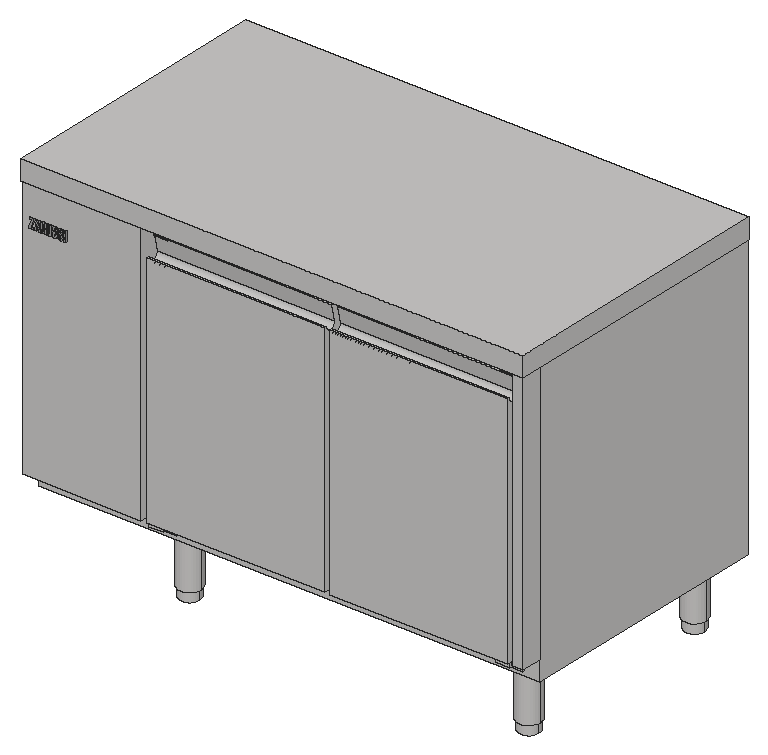
Revit family "QF_ZANUSSI_111111_ZK2HBAA", category Attrezzature speciali, Revit 2018 (continued)
Definition of nested family "HPC_ZAN_BI_TN_L"
  Lines and regions (mm)
    Split face 119
      outline origin (110, -951.3, 50) x (1, 0, 0) y (0, 1, 0)
        loop
          line (-218.464, 599.474) -> (-176.464, 599.474)
          arc (-176.464, 599.474) -> (-172.464, 603.474) -> (-176.464, 607.474) r 4
          line (-176.464, 607.474) -> (-218.464, 607.474)
    Split face 120
      outline origin (220, -951.3, 50) x (1, 0, 0) y (0, 1, 0)
        loop
          arc (-273.464, 607.474) -> (-277.464, 603.474) -> (-273.464, 599.474) r 4
          line (-273.464, 599.474) -> (-231.464, 599.474)
          arc (-231.464, 599.474) -> (-227.464, 603.474) -> (-231.464, 607.474) r 4
          line (-231.464, 607.474) -> (-273.464, 607.474)
    Split face 121
      outline origin (0, -975.3, 50) x (1, 0, 0) y (0, 1, 0)
        loop
          arc (-163.464, 619.474) -> (-167.464, 615.474) -> (-163.464, 611.474) r 4
          line (-163.464, 611.474) -> (-121.464, 611.474)
          arc (-121.464, 611.474) -> (-117.464, 615.474) -> (-121.464, 619.474) r 4
          line (-121.464, 619.474) -> (-163.464, 619.474)
    Split face 122
      outline origin (330, -975.3, 50) x (1, 0, 0) y (0, 1, 0)
        loop
          arc (-328.464, 619.474) -> (-332.464, 615.474) -> (-328.464, 611.474) r 4
          line (-328.464, 611.474) -> (-286.464, 611.474)
          arc (-286.464, 611.474) -> (-282.464, 615.474) -> (-286.464, 619.474) r 4
          line (-286.464, 619.474) -> (-328.464, 619.474)
    Split face 123
      outline origin (110, -975.3, 50) x (1, 0, 0) y (0, 1, 0)
        loop
          arc (-218.464, 619.474) -> (-222.464, 615.474) -> (-218.464, 611.474) r 4
          line (-218.464, 611.474) -> (-176.464, 611.474)
          arc (-176.464, 611.474) -> (-172.464, 615.474) -> (-176.464, 619.474) r 4
          line (-176.464, 619.474) -> (-218.464, 619.474)
    Split face 124
      outline origin (220, -975.3, 50) x (1, 0, 0) y (0, 1, 0)
        loop
          arc (-273.464, 619.474) -> (-277.464, 615.474) -> (-273.464, 611.474) r 4
          line (-273.464, 611.474) -> (-231.464, 611.474)
          arc (-231.464, 611.474) -> (-227.464, 615.474) -> (-231.464, 619.474) r 4
          line (-231.464, 619.474) -> (-273.464, 619.474)
    Split face 125
      outline origin (0, -999.3, 50) x (1, 0, 0) y (0, 1, 0)
        loop
          arc (-163.464, 631.474) -> (-167.464, 627.474) -> (-163.464, 623.474) r 4
          line (-163.464, 623.474) -> (-121.464, 623.474)
          arc (-121.464, 623.474) -> (-117.464, 627.474) -> (-121.464, 631.474) r 4
          line (-121.464, 631.474) -> (-163.464, 631.474)
    Split face 126
      outline origin (330, -999.3, 50) x (1, 0, 0) y (0, 1, 0)
        loop
          arc (-328.464, 631.474) -> (-332.464, 627.474) -> (-328.464, 623.474) r 4
          line (-328.464, 623.474) -> (-286.464, 623.474)
          arc (-286.464, 623.474) -> (-282.464, 627.474) -> (-286.464, 631.474) r 4
          line (-286.464, 631.474) -> (-328.464, 631.474)
    Split face 127
      outline origin (110, -999.3, 50) x (1, 0, 0) y (0, 1, 0)
        loop
          arc (-218.464, 631.474) -> (-222.464, 627.474) -> (-218.464, 623.474) r 4
          line (-218.464, 623.474) -> (-176.464, 623.474)
          arc (-176.464, 623.474) -> (-172.464, 627.474) -> (-176.464, 631.474) r 4
          line (-176.464, 631.474) -> (-218.464, 631.474)
    Split face 128
      outline origin (220, -999.3, 50) x (1, 0, 0) y (0, 1, 0)
        loop
          arc (-273.464, 631.474) -> (-277.464, 627.474) -> (-273.464, 623.474) r 4
          line (-273.464, 623.474) -> (-231.464, 623.474)
          arc (-231.464, 623.474) -> (-227.464, 627.474) -> (-231.464, 631.474) r 4
          line (-231.464, 631.474) -> (-273.464, 631.474)
    Split face 129
      outline origin (0, -1023.3, 50) x (1, 0, 0) y (0, 1, 0)
        loop
          arc (-163.464, 643.474) -> (-167.464, 639.474) -> (-163.464, 635.474) r 4
          line (-163.464, 635.474) -> (-121.464, 635.474)
          arc (-121.464, 635.474) -> (-117.464, 639.474) -> (-121.464, 643.474) r 4
          line (-121.464, 643.474) -> (-163.464, 643.474)
    Split face 130
      outline origin (330, -1023.3, 50) x (1, 0, 0) y (0, 1, 0)
        loop
          arc (-328.464, 643.474) -> (-332.464, 639.474) -> (-328.464, 635.474) r 4
          line (-328.464, 635.474) -> (-286.464, 635.474)
          arc (-286.464, 635.474) -> (-282.464, 639.474) -> (-286.464, 643.474) r 4
          line (-286.464, 643.474) -> (-328.464, 643.474)
    Split face 131
      outline origin (110, -1023.3, 50) x (1, 0, 0) y (0, 1, 0)
        loop
          arc (-218.464, 643.474) -> (-222.464, 639.474) -> (-218.464, 635.474) r 4
          line (-218.464, 635.474) -> (-176.464, 635.474)
          arc (-176.464, 635.474) -> (-172.464, 639.474) -> (-176.464, 643.474) r 4
          line (-176.464, 643.474) -> (-218.464, 643.474)
    Split face 132
      outline origin (220, -1023.3, 50) x (1, 0, 0) y (0, 1, 0)
        loop
          arc (-273.464, 643.474) -> (-277.464, 639.474) -> (-273.464, 635.474) r 4
          line (-273.464, 635.474) -> (-231.464, 635.474)
          arc (-231.464, 635.474) -> (-227.464, 639.474) -> (-231.464, 643.474) r 4
          line (-231.464, 643.474) -> (-273.464, 643.474)
    Split face 133
      outline origin (0, 0, 50) x (1, 0, 0) y (0, 1, 0)
        loop
          arc (-110.805, 143) -> (-91.516, 151.543) -> (-75.866, 165.689) r 66.613
          arc (-75.866, 165.689) -> (-71.555, 176.578) -> (-74.139, 188) r 19.83
    Split face 134
      outline origin (0, 0, 50) x (1, 0, 0) y (0, 1, 0)
        loop
          arc (-98.775, 143) -> (-84.812, 152.003) -> (-73.538, 164.208) r 66.007
          arc (-73.538, 164.208) -> (-69.563, 175.991) -> (-72.794, 188) r 21.447
    Split face 135
      outline origin (0, 0, 50) x (1, 0, 0) y (0, 1, 0)
        loop
          line (41.58, 174) -> (41.58, 166.5) -> (49.08, 166.5) -> (49.08, 174) -> (41.58, 174)
    Split face 136
      outline origin (0, 0, 50) x (1, 0, 0) y (0, 1, 0)
        loop
          line (32.08, 174) -> (32.08, 166.5) -> (39.58, 166.5) -> (39.58, 174) -> (32.08, 174)
    Split face 137
      outline origin (0, 0, 50) x (1, 0, 0) y (0, 1, 0)
        loop
          line (32.08, 164.5) -> (32.08, 157) -> (39.58, 157) -> (39.58, 164.5) -> (32.08, 164.5)
    Split face 138
      outline origin (9.5, 0, 50) x (1, 0, 0) y (0, 1, 0)
        loop
          line (32.08, 164.5) -> (32.08, 157) -> (39.58, 157) -> (39.58, 164.5) -> (32.08, 164.5)
    Split face 139
      outline origin (0, 0, 50) x (1, 0, 0) y (0, 1, 0)
        loop
          line (-14.92, 174) -> (-14.92, 157) -> (25.08, 157) -> (25.08, 174) -> (-14.92, 174)
    symbolic lines
      curve 1: line (87.08, -74, 50) -> (87.08, -74, 0)
  Dimensions and locks
    equal spacing: plane 6, plane 1 "Center (Front/Back)", plane 7
    equal spacing: plane 4, plane 3 "Center (Left/Right)", plane 5
    aligned and locked: plane 2 to Extrusion 1
    aligned and locked: level to Extrusion 1
  Automatic sketch dimensions
    Split face 7 sketch curve to Split face 7 sketch curve = 42 mm
    Split face 7 sketch curve to Split face 7 sketch curve = 4 mm
    Extrusion 1 sketch curve to Extrusion 1 sketch curve = 2438.4 mm  (x2)
    Extrusion 2 sketch curve to plane 4 = 0 mm
    Extrusion 2 sketch curve to plane 5 = 0 mm
    Extrusion 2 sketch curve to plane 7 = 0 mm
    Extrusion 2 sketch curve to plane 6 = 0 mm
    Split face 1 sketch curve to Extrusion 2 = 105 mm
    Split face 1 sketch curve to Extrusion 2 = 35 mm
    Split face 1 sketch curve to Extrusion 2 = 98 mm
    Split face 1 sketch curve to Split face 1 sketch curve = 23 mm
    Split face 2 sketch curve to Extrusion 2 = 0 mm  (x2)
    Split face 2 sketch curve to Extrusion 2 = 64 mm
    Split face 3 sketch curve to Extrusion 2 = 43.456 mm
    Split face 3 sketch curve to Split face 3 sketch curve = 42 mm
    Split face 3 sketch curve to Extrusion 2 = 128.176 mm
    Split face 3 sketch curve to Split face 3 sketch curve = 4 mm
    Split face 4 sketch curve to Extrusion 2 = 85.544 mm
    Split face 4 sketch curve to Split face 4 sketch curve = 42 mm
    Split face 4 sketch curve to Extrusion 2 = 128.176 mm
    Split face 4 sketch curve to Split face 4 sketch curve = 4 mm
    Split face 5 sketch curve to Extrusion 2 = 98.456 mm
    Split face 5 sketch curve to Split face 5 sketch curve = 42 mm
    Split face 5 sketch curve to Extrusion 2 = 128.176 mm
    Split face 5 sketch curve to Split face 5 sketch curve = 4 mm
    Split face 6 sketch curve to Extrusion 2 = 140.544 mm
    Split face 6 sketch curve to Split face 6 sketch curve = 42 mm
    Split face 6 sketch curve to Extrusion 2 = 128.176 mm
    Split face 6 sketch curve to Split face 6 sketch curve = 4 mm
    Extrusion 3 sketch curve to Extrusion 3 sketch curve = 294 mm
    Extrusion 3 sketch curve to Extrusion 3 sketch curve = 652 mm
    Split face 8 sketch curve to Extrusion 2 = 43.456 mm
    Split face 8 sketch curve to Split face 8 sketch curve = 42 mm
    Split face 8 sketch curve to Extrusion 2 = 140.176 mm
    Split face 8 sketch curve to Split face 8 sketch curve = 4 mm
    Split face 9 sketch curve to Extrusion 2 = 85.544 mm
    Split face 9 sketch curve to Split face 9 sketch curve = 42 mm
    Split face 9 sketch curve to Extrusion 2 = 140.176 mm
    Split face 9 sketch curve to Split face 9 sketch curve = 4 mm
    Split face 10 sketch curve to Extrusion 2 = 98.456 mm
    Split face 10 sketch curve to Split face 10 sketch curve = 42 mm
    Split face 10 sketch curve to Extrusion 2 = 140.176 mm
    Split face 10 sketch curve to Split face 10 sketch curve = 4 mm
    Split face 11 sketch curve to Extrusion 2 = 140.544 mm
    Split face 11 sketch curve to Split face 11 sketch curve = 42 mm
    Split face 11 sketch curve to Extrusion 2 = 140.176 mm
    Split face 11 sketch curve to Split face 11 sketch curve = 4 mm
    Split face 12 sketch curve to Extrusion 2 = 43.456 mm
    Split face 12 sketch curve to Split face 12 sketch curve = 42 mm
    Split face 12 sketch curve to Extrusion 2 = 152.176 mm
    Split face 12 sketch curve to Split face 12 sketch curve = 4 mm
    Split face 13 sketch curve to Extrusion 2 = 85.544 mm
    Split face 13 sketch curve to Split face 13 sketch curve = 42 mm
    Split face 13 sketch curve to Extrusion 2 = 152.176 mm
    Split face 13 sketch curve to Split face 13 sketch curve = 4 mm
    Split face 14 sketch curve to Extrusion 2 = 98.456 mm
    Split face 14 sketch curve to Split face 14 sketch curve = 42 mm
    Split face 14 sketch curve to Extrusion 2 = 152.176 mm
    Split face 14 sketch curve to Split face 14 sketch curve = 4 mm
    Split face 15 sketch curve to Extrusion 2 = 140.544 mm
    Split face 15 sketch curve to Split face 15 sketch curve = 42 mm
    Split face 15 sketch curve to Extrusion 2 = 152.176 mm
    Split face 15 sketch curve to Split face 15 sketch curve = 4 mm
    Split face 16 sketch curve to Extrusion 2 = 43.456 mm
    Split face 16 sketch curve to Split face 16 sketch curve = 42 mm
    Split face 16 sketch curve to Extrusion 2 = 164.176 mm
    Split face 16 sketch curve to Split face 16 sketch curve = 4 mm
    Split face 17 sketch curve to Extrusion 2 = 85.544 mm
    Split face 17 sketch curve to Split face 17 sketch curve = 42 mm
    Split face 17 sketch curve to Extrusion 2 = 164.176 mm
    Split face 17 sketch curve to Split face 17 sketch curve = 4 mm
    Split face 18 sketch curve to Extrusion 2 = 98.456 mm
    Split face 18 sketch curve to Split face 18 sketch curve = 42 mm
    Split face 18 sketch curve to Extrusion 2 = 164.176 mm
    Split face 18 sketch curve to Split face 18 sketch curve = 4 mm
    Split face 19 sketch curve to Extrusion 2 = 140.544 mm
    Split face 19 sketch curve to Split face 19 sketch curve = 42 mm
    Split face 19 sketch curve to Extrusion 2 = 164.176 mm
    Split face 19 sketch curve to Split face 19 sketch curve = 4 mm
    Split face 20 sketch curve to Extrusion 2 = 43.456 mm
    Split face 20 sketch curve to Split face 20 sketch curve = 42 mm
    Split face 20 sketch curve to Extrusion 2 = 176.176 mm
    Split face 20 sketch curve to Split face 20 sketch curve = 4 mm
    Split face 21 sketch curve to Extrusion 2 = 85.544 mm
    Split face 21 sketch curve to Split face 21 sketch curve = 42 mm
    Split face 21 sketch curve to Extrusion 2 = 176.176 mm
    Split face 21 sketch curve to Split face 21 sketch curve = 4 mm
    Split face 22 sketch curve to Extrusion 2 = 98.456 mm
    Split face 22 sketch curve to Split face 22 sketch curve = 42 mm
    Split face 22 sketch curve to Extrusion 2 = 176.176 mm
    Split face 22 sketch curve to Split face 22 sketch curve = 4 mm
    Split face 23 sketch curve to Extrusion 2 = 140.544 mm
    Split face 23 sketch curve to Split face 23 sketch curve = 42 mm
    Split face 23 sketch curve to Extrusion 2 = 176.176 mm
    Split face 23 sketch curve to Split face 23 sketch curve = 4 mm
    Split face 24 sketch curve to Extrusion 2 = 43.456 mm
    Split face 24 sketch curve to Split face 24 sketch curve = 42 mm
    Split face 24 sketch curve to Extrusion 2 = 188.176 mm
    Split face 24 sketch curve to Split face 24 sketch curve = 4 mm
    Split face 25 sketch curve to Extrusion 2 = 85.544 mm
    Split face 25 sketch curve to Split face 25 sketch curve = 42 mm
    Split face 25 sketch curve to Extrusion 2 = 188.176 mm
    Split face 25 sketch curve to Split face 25 sketch curve = 4 mm
    Split face 26 sketch curve to Extrusion 2 = 98.456 mm
    Split face 26 sketch curve to Split face 26 sketch curve = 42 mm
    Split face 26 sketch curve to Extrusion 2 = 188.176 mm
    Split face 26 sketch curve to Split face 26 sketch curve = 4 mm
    Split face 27 sketch curve to Extrusion 2 = 140.544 mm
    Split face 27 sketch curve to Split face 27 sketch curve = 42 mm
    Split face 27 sketch curve to Extrusion 2 = 188.176 mm
    Split face 27 sketch curve to Split face 27 sketch curve = 4 mm
    Split face 28 sketch curve to Extrusion 2 = 43.456 mm
    Split face 28 sketch curve to Split face 28 sketch curve = 42 mm
    Split face 28 sketch curve to Extrusion 2 = 200.176 mm
    Split face 28 sketch curve to Split face 28 sketch curve = 4 mm
    Split face 29 sketch curve to Extrusion 2 = 85.544 mm
    Split face 29 sketch curve to Split face 29 sketch curve = 42 mm
    Split face 29 sketch curve to Extrusion 2 = 200.176 mm
    Split face 29 sketch curve to Split face 29 sketch curve = 4 mm
    Split face 30 sketch curve to Extrusion 2 = 98.456 mm
    Split face 30 sketch curve to Split face 30 sketch curve = 42 mm
    Split face 30 sketch curve to Extrusion 2 = 200.176 mm
    Split face 30 sketch curve to Split face 30 sketch curve = 4 mm
    Split face 31 sketch curve to Extrusion 2 = 140.544 mm
    Split face 31 sketch curve to Split face 31 sketch curve = 42 mm
    Split face 31 sketch curve to Extrusion 2 = 200.176 mm
    Split face 31 sketch curve to Split face 31 sketch curve = 4 mm
    Split face 32 sketch curve to Extrusion 2 = 43.456 mm
    Split face 32 sketch curve to Split face 32 sketch curve = 42 mm
    Split face 32 sketch curve to Extrusion 2 = 212.176 mm
    Split face 32 sketch curve to Split face 32 sketch curve = 4 mm
    Split face 33 sketch curve to Extrusion 2 = 85.544 mm
    Split face 33 sketch curve to Split face 33 sketch curve = 42 mm
    Split face 33 sketch curve to Extrusion 2 = 212.176 mm
    Split face 33 sketch curve to Split face 33 sketch curve = 4 mm
    Split face 34 sketch curve to Extrusion 2 = 98.456 mm
    Split face 34 sketch curve to Split face 34 sketch curve = 42 mm
    Split face 34 sketch curve to Extrusion 2 = 212.176 mm
    Split face 34 sketch curve to Split face 34 sketch curve = 4 mm
    Split face 35 sketch curve to Extrusion 2 = 140.544 mm
    Split face 35 sketch curve to Split face 35 sketch curve = 42 mm
    Split face 35 sketch curve to Extrusion 2 = 212.176 mm
    Split face 35 sketch curve to Split face 35 sketch curve = 4 mm
    Split face 36 sketch curve to Extrusion 2 = 43.456 mm
    Split face 36 sketch curve to Split face 36 sketch curve = 42 mm
    Split face 36 sketch curve to Extrusion 2 = 224.176 mm
    Split face 36 sketch curve to Split face 36 sketch curve = 4 mm
    Split face 37 sketch curve to Extrusion 2 = 85.544 mm
    Split face 37 sketch curve to Split face 37 sketch curve = 42 mm
    Split face 37 sketch curve to Extrusion 2 = 224.176 mm
    Split face 37 sketch curve to Split face 37 sketch curve = 4 mm
    Split face 38 sketch curve to Extrusion 2 = 98.456 mm
    Split face 38 sketch curve to Split face 38 sketch curve = 42 mm
    Split face 38 sketch curve to Extrusion 2 = 224.176 mm
    Split face 38 sketch curve to Split face 38 sketch curve = 4 mm
    Split face 39 sketch curve to Extrusion 2 = 140.544 mm
    Split face 39 sketch curve to Split face 39 sketch curve = 42 mm
    Split face 39 sketch curve to Extrusion 2 = 224.176 mm
    Split face 39 sketch curve to Split face 39 sketch curve = 4 mm
    Split face 40 sketch curve to Extrusion 2 = 43.456 mm
    Split face 40 sketch curve to Split face 40 sketch curve = 42 mm
    Split face 40 sketch curve to Extrusion 2 = 236.176 mm
    Split face 40 sketch curve to Split face 40 sketch curve = 4 mm
    Split face 41 sketch curve to Extrusion 2 = 85.544 mm
    Split face 41 sketch curve to Split face 41 sketch curve = 42 mm
    Split face 41 sketch curve to Extrusion 2 = 236.176 mm
    Split face 41 sketch curve to Split face 41 sketch curve = 4 mm
    Split face 42 sketch curve to Extrusion 2 = 98.456 mm
    Split face 42 sketch curve to Split face 42 sketch curve = 42 mm
    Split face 42 sketch curve to Extrusion 2 = 236.176 mm
    Split face 42 sketch curve to Split face 42 sketch curve = 4 mm
    Split face 43 sketch curve to Extrusion 2 = 140.544 mm
    Split face 43 sketch curve to Split face 43 sketch curve = 42 mm
    Split face 43 sketch curve to Extrusion 2 = 236.176 mm
    Split face 43 sketch curve to Split face 43 sketch curve = 4 mm
    Split face 44 sketch curve to Extrusion 2 = 43.456 mm
    Split face 44 sketch curve to Split face 44 sketch curve = 42 mm
    Split face 44 sketch curve to Extrusion 2 = 248.176 mm
    Split face 44 sketch curve to Split face 44 sketch curve = 4 mm
    Split face 45 sketch curve to Extrusion 2 = 85.544 mm
    Split face 45 sketch curve to Split face 45 sketch curve = 42 mm
    Split face 45 sketch curve to Extrusion 2 = 248.176 mm
    Split face 45 sketch curve to Split face 45 sketch curve = 4 mm
    Split face 46 sketch curve to Extrusion 2 = 98.456 mm
    Split face 46 sketch curve to Split face 46 sketch curve = 42 mm
    Split face 46 sketch curve to Extrusion 2 = 248.176 mm
    Split face 46 sketch curve to Split face 46 sketch curve = 4 mm
    Split face 47 sketch curve to Extrusion 2 = 140.544 mm
    Split face 47 sketch curve to Split face 47 sketch curve = 42 mm
    Split face 47 sketch curve to Extrusion 2 = 248.176 mm
    Split face 47 sketch curve to Split face 47 sketch curve = 4 mm
    Split face 48 sketch curve to Extrusion 2 = 43.456 mm
    Split face 48 sketch curve to Split face 48 sketch curve = 42 mm
    Split face 48 sketch curve to Extrusion 2 = 260.176 mm
    Split face 48 sketch curve to Split face 48 sketch curve = 4 mm
    Split face 49 sketch curve to Extrusion 2 = 85.544 mm
    Split face 49 sketch curve to Split face 49 sketch curve = 42 mm
    Split face 49 sketch curve to Extrusion 2 = 260.176 mm
    Split face 49 sketch curve to Split face 49 sketch curve = 4 mm
    Split face 50 sketch curve to Extrusion 2 = 98.456 mm
    Split face 50 sketch curve to Split face 50 sketch curve = 42 mm
    Split face 50 sketch curve to Extrusion 2 = 260.176 mm
    Split face 50 sketch curve to Split face 50 sketch curve = 4 mm
    Split face 51 sketch curve to Extrusion 2 = 140.544 mm
    Split face 51 sketch curve to Split face 51 sketch curve = 42 mm
    Split face 51 sketch curve to Extrusion 2 = 260.176 mm
    Split face 51 sketch curve to Split face 51 sketch curve = 4 mm
    Split face 52 sketch curve to Extrusion 2 = 43.456 mm
    Split face 52 sketch curve to Split face 52 sketch curve = 42 mm
    Split face 52 sketch curve to Extrusion 2 = 272.176 mm
    Split face 52 sketch curve to Split face 52 sketch curve = 4 mm
    Split face 53 sketch curve to Extrusion 2 = 85.544 mm
    Split face 53 sketch curve to Split face 53 sketch curve = 42 mm
    Split face 53 sketch curve to Extrusion 2 = 272.176 mm
    Split face 53 sketch curve to Split face 53 sketch curve = 4 mm
    Split face 54 sketch curve to Extrusion 2 = 98.456 mm
    Split face 54 sketch curve to Split face 54 sketch curve = 42 mm
    Split face 54 sketch curve to Extrusion 2 = 272.176 mm
    Split face 54 sketch curve to Split face 54 sketch curve = 4 mm
    Split face 55 sketch curve to Extrusion 2 = 140.544 mm
    Split face 55 sketch curve to Split face 55 sketch curve = 42 mm
    Split face 55 sketch curve to Extrusion 2 = 272.176 mm
    Split face 55 sketch curve to Split face 55 sketch curve = 4 mm
    Split face 56 sketch curve to Extrusion 2 = 43.456 mm
    Split face 56 sketch curve to Split face 56 sketch curve = 42 mm
    Split face 56 sketch curve to Extrusion 2 = 284.176 mm
    Split face 56 sketch curve to Split face 56 sketch curve = 4 mm
    Split face 57 sketch curve to Extrusion 2 = 85.544 mm
    Split face 57 sketch curve to Split face 57 sketch curve = 42 mm
    Split face 57 sketch curve to Extrusion 2 = 284.176 mm
    Split face 57 sketch curve to Split face 57 sketch curve = 4 mm
    Split face 58 sketch curve to Extrusion 2 = 98.456 mm
    Split face 58 sketch curve to Split face 58 sketch curve = 42 mm
    Split face 58 sketch curve to Extrusion 2 = 284.176 mm
    Split face 58 sketch curve to Split face 58 sketch curve = 4 mm
    Split face 59 sketch curve to Extrusion 2 = 140.544 mm
    Split face 59 sketch curve to Split face 59 sketch curve = 42 mm
    Split face 59 sketch curve to Extrusion 2 = 284.176 mm
    Split face 59 sketch curve to Split face 59 sketch curve = 4 mm
    Split face 60 sketch curve to Extrusion 2 = 43.456 mm
    Split face 60 sketch curve to Split face 60 sketch curve = 42 mm
    Split face 60 sketch curve to Extrusion 2 = 296.176 mm
    Split face 60 sketch curve to Split face 60 sketch curve = 4 mm
    Split face 61 sketch curve to Extrusion 2 = 85.544 mm
    Split face 61 sketch curve to Split face 61 sketch curve = 42 mm
    Split face 61 sketch curve to Extrusion 2 = 296.176 mm
    Split face 61 sketch curve to Split face 61 sketch curve = 4 mm
    Split face 62 sketch curve to Extrusion 2 = 98.456 mm
    Split face 62 sketch curve to Split face 62 sketch curve = 42 mm
    Split face 62 sketch curve to Extrusion 2 = 296.176 mm
    Split face 62 sketch curve to Split face 62 sketch curve = 4 mm
    Split face 63 sketch curve to Extrusion 2 = 140.544 mm
    Split face 63 sketch curve to Split face 63 sketch curve = 42 mm
    Split face 63 sketch curve to Extrusion 2 = 296.176 mm
    Split face 63 sketch curve to Split face 63 sketch curve = 4 mm
    Split face 64 sketch curve to Extrusion 2 = 43.456 mm
    Split face 64 sketch curve to Split face 64 sketch curve = 42 mm
    Split face 64 sketch curve to Extrusion 2 = 308.176 mm
    Split face 64 sketch curve to Split face 64 sketch curve = 4 mm
    Split face 65 sketch curve to Extrusion 2 = 85.544 mm
    Split face 65 sketch curve to Split face 65 sketch curve = 42 mm
    Split face 65 sketch curve to Extrusion 2 = 308.176 mm
    Split face 65 sketch curve to Split face 65 sketch curve = 4 mm
    Split face 66 sketch curve to Extrusion 2 = 98.456 mm
    Split face 66 sketch curve to Split face 66 sketch curve = 42 mm
    Split face 66 sketch curve to Extrusion 2 = 308.176 mm
    Split face 66 sketch curve to Split face 66 sketch curve = 4 mm
    Split face 67 sketch curve to Extrusion 2 = 140.544 mm
    Split face 67 sketch curve to Split face 67 sketch curve = 42 mm
    Split face 67 sketch curve to Extrusion 2 = 308.176 mm
    Split face 67 sketch curve to Split face 67 sketch curve = 4 mm
    Split face 68 sketch curve to Extrusion 2 = 0 mm  (x2)
    Split face 68 sketch curve to Extrusion 2 = 109 mm
    Split face 69 sketch curve to Extrusion 2 = 43.456 mm
    Split face 69 sketch curve to Split face 69 sketch curve = 42 mm
    Split face 69 sketch curve to Extrusion 2 = 192.174 mm
    Split face 69 sketch curve to Split face 69 sketch curve = 4 mm
    Split face 70 sketch curve to Extrusion 2 = 85.544 mm
    Split face 70 sketch curve to Split face 70 sketch curve = 42 mm
    Split face 70 sketch curve to Extrusion 2 = 192.174 mm
    Split face 70 sketch curve to Split face 70 sketch curve = 4 mm
    Split face 71 sketch curve to Extrusion 2 = 98.456 mm
    Split face 71 sketch curve to Split face 71 sketch curve = 42 mm
    Split face 71 sketch curve to Extrusion 2 = 192.174 mm
    Split face 71 sketch curve to Split face 71 sketch curve = 4 mm
    Split face 72 sketch curve to Extrusion 2 = 140.544 mm
    Split face 72 sketch curve to Split face 72 sketch curve = 42 mm
    Split face 72 sketch curve to Extrusion 2 = 192.174 mm
    Split face 72 sketch curve to Split face 72 sketch curve = 4 mm
    Split face 73 sketch curve to Extrusion 2 = 43.456 mm
    Split face 73 sketch curve to Split face 73 sketch curve = 42 mm
    Split face 73 sketch curve to Extrusion 2 = 180.174 mm
    Split face 73 sketch curve to Split face 73 sketch curve = 4 mm
    Split face 74 sketch curve to Extrusion 2 = 85.544 mm
    Split face 74 sketch curve to Split face 74 sketch curve = 42 mm
    Split face 74 sketch curve to Extrusion 2 = 180.174 mm
    Split face 74 sketch curve to Split face 74 sketch curve = 4 mm
    Split face 75 sketch curve to Extrusion 2 = 98.456 mm
    Split face 75 sketch curve to Split face 75 sketch curve = 42 mm
    Split face 75 sketch curve to Extrusion 2 = 180.174 mm
    Split face 75 sketch curve to Split face 75 sketch curve = 4 mm
    Split face 76 sketch curve to Extrusion 2 = 140.544 mm
    Split face 76 sketch curve to Split face 76 sketch curve = 42 mm
    Split face 76 sketch curve to Extrusion 2 = 180.174 mm
    Split face 76 sketch curve to Split face 76 sketch curve = 4 mm
    Split face 77 sketch curve to Extrusion 2 = 43.456 mm
    Split face 77 sketch curve to Split face 77 sketch curve = 42 mm
    Split face 77 sketch curve to Extrusion 2 = 168.174 mm
    Split face 77 sketch curve to Split face 77 sketch curve = 4 mm
    Split face 78 sketch curve to Extrusion 2 = 85.544 mm
    Split face 78 sketch curve to Split face 78 sketch curve = 42 mm
    Split face 78 sketch curve to Extrusion 2 = 168.174 mm
    Split face 78 sketch curve to Split face 78 sketch curve = 4 mm
    Split face 79 sketch curve to Extrusion 2 = 98.456 mm
    Split face 79 sketch curve to Split face 79 sketch curve = 42 mm
    Split face 79 sketch curve to Extrusion 2 = 168.174 mm
    Split face 79 sketch curve to Split face 79 sketch curve = 4 mm
    Split face 80 sketch curve to Extrusion 2 = 140.544 mm
    Split face 80 sketch curve to Split face 80 sketch curve = 42 mm
    Split face 80 sketch curve to Extrusion 2 = 168.174 mm
    Split face 80 sketch curve to Split face 80 sketch curve = 4 mm
    Split face 81 sketch curve to Extrusion 2 = 43.456 mm
    Split face 81 sketch curve to Split face 81 sketch curve = 42 mm
    Split face 81 sketch curve to Extrusion 2 = 156.174 mm
    Split face 81 sketch curve to Split face 81 sketch curve = 4 mm
    Split face 82 sketch curve to Extrusion 2 = 85.544 mm
    Split face 82 sketch curve to Split face 82 sketch curve = 42 mm
    Split face 82 sketch curve to Extrusion 2 = 156.174 mm
    Split face 82 sketch curve to Split face 82 sketch curve = 4 mm
    Split face 83 sketch curve to Extrusion 2 = 98.456 mm
    Split face 83 sketch curve to Split face 83 sketch curve = 42 mm
    Split face 83 sketch curve to Extrusion 2 = 156.174 mm
    Split face 83 sketch curve to Split face 83 sketch curve = 4 mm
    Split face 84 sketch curve to Extrusion 2 = 140.544 mm
    Split face 84 sketch curve to Split face 84 sketch curve = 42 mm
    Split face 84 sketch curve to Extrusion 2 = 156.174 mm
    Split face 84 sketch curve to Split face 84 sketch curve = 4 mm
    Split face 85 sketch curve to Extrusion 2 = 43.456 mm
    Split face 85 sketch curve to Split face 85 sketch curve = 42 mm
    Split face 85 sketch curve to Extrusion 2 = 144.174 mm
    Split face 85 sketch curve to Split face 85 sketch curve = 4 mm
    Split face 86 sketch curve to Extrusion 2 = 85.544 mm
    Split face 86 sketch curve to Split face 86 sketch curve = 42 mm
    Split face 86 sketch curve to Extrusion 2 = 144.174 mm
    Split face 86 sketch curve to Split face 86 sketch curve = 4 mm
    Split face 87 sketch curve to Extrusion 2 = 98.456 mm
    Split face 87 sketch curve to Split face 87 sketch curve = 42 mm
    Split face 87 sketch curve to Extrusion 2 = 144.174 mm
    Split face 87 sketch curve to Split face 87 sketch curve = 4 mm
    Split face 88 sketch curve to Extrusion 2 = 140.544 mm
    Split face 88 sketch curve to Split face 88 sketch curve = 42 mm
    Split face 88 sketch curve to Extrusion 2 = 144.174 mm
    Split face 88 sketch curve to Split face 88 sketch curve = 4 mm
    Split face 89 sketch curve to Extrusion 2 = 43.456 mm
    Split face 89 sketch curve to Split face 89 sketch curve = 42 mm
    Split face 89 sketch curve to Extrusion 2 = 132.174 mm
    Split face 89 sketch curve to Split face 89 sketch curve = 4 mm
    Split face 90 sketch curve to Extrusion 2 = 85.544 mm
    Split face 90 sketch curve to Split face 90 sketch curve = 42 mm
    Split face 90 sketch curve to Extrusion 2 = 132.174 mm
    Split face 90 sketch curve to Split face 90 sketch curve = 4 mm
    Split face 91 sketch curve to Extrusion 2 = 98.456 mm
    Split face 91 sketch curve to Split face 91 sketch curve = 42 mm
    Split face 91 sketch curve to Extrusion 2 = 132.174 mm
    Split face 91 sketch curve to Split face 91 sketch curve = 4 mm
    Split face 92 sketch curve to Extrusion 2 = 140.544 mm
    Split face 92 sketch curve to Split face 92 sketch curve = 42 mm
    Split face 92 sketch curve to Extrusion 2 = 132.174 mm
    Split face 92 sketch curve to Split face 92 sketch curve = 4 mm
    Split face 93 sketch curve to Extrusion 2 = 43.456 mm
    Split face 93 sketch curve to Split face 93 sketch curve = 42 mm
    Split face 93 sketch curve to Extrusion 2 = 120.174 mm
    Split face 93 sketch curve to Split face 93 sketch curve = 4 mm
    Split face 94 sketch curve to Extrusion 2 = 85.544 mm
    Split face 94 sketch curve to Split face 94 sketch curve = 42 mm
    Split face 94 sketch curve to Extrusion 2 = 120.174 mm
    Split face 94 sketch curve to Split face 94 sketch curve = 4 mm
    Split face 95 sketch curve to Extrusion 2 = 98.456 mm
    Split face 95 sketch curve to Split face 95 sketch curve = 42 mm
    Split face 95 sketch curve to Extrusion 2 = 120.174 mm
    Split face 95 sketch curve to Split face 95 sketch curve = 4 mm
    Split face 96 sketch curve to Extrusion 2 = 140.544 mm
    Split face 96 sketch curve to Split face 96 sketch curve = 42 mm
    Split face 96 sketch curve to Extrusion 2 = 120.174 mm
    Split face 96 sketch curve to Split face 96 sketch curve = 4 mm
    Split face 97 sketch curve to Extrusion 2 = 43.456 mm
    Split face 97 sketch curve to Split face 97 sketch curve = 42 mm
    Split face 97 sketch curve to Extrusion 2 = 108.174 mm
    Split face 97 sketch curve to Split face 97 sketch curve = 4 mm
    Split face 98 sketch curve to Extrusion 2 = 85.544 mm
    Split face 98 sketch curve to Split face 98 sketch curve = 42 mm
    Split face 98 sketch curve to Extrusion 2 = 108.174 mm
    Split face 98 sketch curve to Split face 98 sketch curve = 4 mm
    Split face 99 sketch curve to Extrusion 2 = 98.456 mm
    Split face 99 sketch curve to Split face 99 sketch curve = 42 mm
    Split face 99 sketch curve to Extrusion 2 = 108.174 mm
    Split face 99 sketch curve to Split face 99 sketch curve = 4 mm
    Split face 100 sketch curve to Extrusion 2 = 140.544 mm
    Split face 100 sketch curve to Split face 100 sketch curve = 42 mm
    Split face 100 sketch curve to Extrusion 2 = 108.174 mm
    Split face 100 sketch curve to Split face 100 sketch curve = 4 mm
    Split face 101 sketch curve to Extrusion 2 = 43.456 mm
    Split face 101 sketch curve to Split face 101 sketch curve = 42 mm
    Split face 101 sketch curve to Extrusion 2 = 96.174 mm
    Split face 101 sketch curve to Split face 101 sketch curve = 4 mm
    Split face 102 sketch curve to Extrusion 2 = 85.544 mm
    Split face 102 sketch curve to Split face 102 sketch curve = 42 mm
    Split face 102 sketch curve to Extrusion 2 = 96.174 mm
    Split face 102 sketch curve to Split face 102 sketch curve = 4 mm
    Split face 103 sketch curve to Extrusion 2 = 98.456 mm
    Split face 103 sketch curve to Split face 103 sketch curve = 42 mm
    Split face 103 sketch curve to Extrusion 2 = 96.174 mm
    Split face 103 sketch curve to Split face 103 sketch curve = 4 mm
    Split face 104 sketch curve to Extrusion 2 = 140.544 mm
    Split face 104 sketch curve to Split face 104 sketch curve = 42 mm
    Split face 104 sketch curve to Extrusion 2 = 96.174 mm
    Split face 104 sketch curve to Split face 104 sketch curve = 4 mm
    Split face 105 sketch curve to Extrusion 2 = 43.456 mm
    Split face 105 sketch curve to Split face 105 sketch curve = 42 mm
    Split face 105 sketch curve to Extrusion 2 = 84.174 mm
    Split face 105 sketch curve to Split face 105 sketch curve = 4 mm
    Split face 106 sketch curve to Extrusion 2 = 85.544 mm
    Split face 106 sketch curve to Split face 106 sketch curve = 42 mm
    Split face 106 sketch curve to Extrusion 2 = 84.174 mm
    Split face 106 sketch curve to Split face 106 sketch curve = 4 mm
    Split face 107 sketch curve to Extrusion 2 = 98.456 mm
    Split face 107 sketch curve to Split face 107 sketch curve = 42 mm
    Split face 107 sketch curve to Extrusion 2 = 84.174 mm
    Split face 107 sketch curve to Split face 107 sketch curve = 4 mm
    Split face 108 sketch curve to Extrusion 2 = 92.174 mm
    Split face 108 sketch curve to Extrusion 2 = 140.544 mm
    Split face 108 sketch curve to Split face 108 sketch curve = 42 mm
    Split face 108 sketch curve to Split face 108 sketch curve = 4 mm
    Split face 109 sketch curve to Extrusion 2 = 43.456 mm
    Split face 109 sketch curve to Split face 109 sketch curve = 42 mm
    Split face 109 sketch curve to Extrusion 2 = 72.174 mm
    Split face 109 sketch curve to Split face 109 sketch curve = 4 mm
    Split face 110 sketch curve to Extrusion 2 = 85.544 mm
    Split face 110 sketch curve to Split face 110 sketch curve = 42 mm
    Split face 110 sketch curve to Extrusion 2 = 72.174 mm
    Split face 110 sketch curve to Split face 110 sketch curve = 4 mm
    Split face 111 sketch curve to Extrusion 2 = 98.456 mm
    Split face 111 sketch curve to Split face 111 sketch curve = 42 mm
    Split face 111 sketch curve to Extrusion 2 = 72.174 mm
    Split face 111 sketch curve to Split face 111 sketch curve = 4 mm
    Split face 112 sketch curve to Extrusion 2 = 80.174 mm
    Split face 112 sketch curve to Extrusion 2 = 140.544 mm
    Split face 112 sketch curve to Split face 112 sketch curve = 42 mm
    Split face 112 sketch curve to Split face 112 sketch curve = 4 mm
    Split face 113 sketch curve to Extrusion 2 = 43.456 mm
    Split face 113 sketch curve to Split face 113 sketch curve = 42 mm
    Split face 113 sketch curve to Extrusion 2 = 60.174 mm
    Split face 113 sketch curve to Split face 113 sketch curve = 4 mm
    Split face 114 sketch curve to Extrusion 2 = 85.544 mm
    Split face 114 sketch curve to Split face 114 sketch curve = 42 mm
    Split face 114 sketch curve to Extrusion 2 = 60.174 mm
    Split face 114 sketch curve to Split face 114 sketch curve = 4 mm
    Split face 115 sketch curve to Extrusion 2 = 98.456 mm
    Split face 115 sketch curve to Split face 115 sketch curve = 42 mm
    Split face 115 sketch curve to Extrusion 2 = 60.174 mm
    Split face 115 sketch curve to Split face 115 sketch curve = 4 mm
    Split face 116 sketch curve to Extrusion 2 = 68.174 mm
    Split face 116 sketch curve to Extrusion 2 = 140.544 mm
    Split face 116 sketch curve to Split face 116 sketch curve = 42 mm
    Split face 116 sketch curve to Split face 116 sketch curve = 4 mm
    Split face 117 sketch curve to Extrusion 2 = 43.456 mm
    Split face 117 sketch curve to Split face 117 sketch curve = 42 mm
    Split face 117 sketch curve to Extrusion 2 = 48.174 mm
    Split face 117 sketch curve to Split face 117 sketch curve = 4 mm
    Split face 118 sketch curve to Extrusion 2 = 56.174 mm
    Split face 118 sketch curve to Extrusion 2 = 85.544 mm
    Split face 118 sketch curve to Split face 118 sketch curve = 42 mm
    Split face 118 sketch curve to Split face 118 sketch curve = 4 mm
    Split face 119 sketch curve to Extrusion 2 = 56.174 mm
    Split face 119 sketch curve to Extrusion 2 = 98.456 mm
    Split face 119 sketch curve to Split face 119 sketch curve = 42 mm
    Split face 119 sketch curve to Split face 119 sketch curve = 4 mm
    Split face 120 sketch curve to Extrusion 2 = 56.174 mm
    Split face 120 sketch curve to Extrusion 2 = 140.544 mm
    Split face 120 sketch curve to Split face 120 sketch curve = 42 mm
    Split face 120 sketch curve to Split face 120 sketch curve = 4 mm
    Split face 121 sketch curve to Extrusion 2 = 43.456 mm
    Split face 121 sketch curve to Split face 121 sketch curve = 42 mm
    Split face 121 sketch curve to Extrusion 2 = 36.174 mm
    Split face 121 sketch curve to Split face 121 sketch curve = 4 mm
    Split face 122 sketch curve to Extrusion 2 = 44.174 mm
    Split face 122 sketch curve to Extrusion 2 = 85.544 mm
    Split face 122 sketch curve to Split face 122 sketch curve = 42 mm
    Split face 122 sketch curve to Split face 122 sketch curve = 4 mm
    Split face 123 sketch curve to Extrusion 2 = 44.174 mm
    Split face 123 sketch curve to Extrusion 2 = 98.456 mm
    Split face 123 sketch curve to Split face 123 sketch curve = 42 mm
    Split face 123 sketch curve to Split face 123 sketch curve = 4 mm
    Split face 124 sketch curve to Extrusion 2 = 44.174 mm
    Split face 124 sketch curve to Extrusion 2 = 140.544 mm
    Split face 124 sketch curve to Split face 124 sketch curve = 42 mm
    Split face 124 sketch curve to Split face 124 sketch curve = 4 mm
    Split face 125 sketch curve to Extrusion 2 = 43.456 mm
    Split face 125 sketch curve to Split face 125 sketch curve = 42 mm
    Split face 125 sketch curve to Extrusion 2 = 24.174 mm
    Split face 125 sketch curve to Split face 125 sketch curve = 4 mm
    Split face 126 sketch curve to Extrusion 2 = 32.174 mm
    Split face 126 sketch curve to Extrusion 2 = 85.544 mm
    Split face 126 sketch curve to Split face 126 sketch curve = 42 mm
    Split face 126 sketch curve to Split face 126 sketch curve = 4 mm
    Split face 127 sketch curve to Extrusion 2 = 32.174 mm
    Split face 127 sketch curve to Extrusion 2 = 98.456 mm
    Split face 127 sketch curve to Split face 127 sketch curve = 42 mm
    Split face 127 sketch curve to Split face 127 sketch curve = 4 mm
    Split face 128 sketch curve to Extrusion 2 = 32.174 mm
    Split face 128 sketch curve to Extrusion 2 = 140.544 mm
    Split face 128 sketch curve to Split face 128 sketch curve = 42 mm
    Split face 128 sketch curve to Split face 128 sketch curve = 4 mm
    Split face 129 sketch curve to Extrusion 2 = 20.174 mm
    Split face 129 sketch curve to Extrusion 2 = 43.456 mm
    Split face 129 sketch curve to Extrusion 2 = 16.174 mm
    Split face 129 sketch curve to Split face 129 sketch curve = 42 mm
    Split face 130 sketch curve to Extrusion 2 = 20.174 mm
    Split face 130 sketch curve to Extrusion 2 = 85.544 mm
    Split face 130 sketch curve to Extrusion 2 = 16.174 mm
    Split face 130 sketch curve to Split face 130 sketch curve = 42 mm
    Split face 131 sketch curve to Extrusion 2 = 20.174 mm
    Split face 131 sketch curve to Extrusion 2 = 98.456 mm
    Split face 131 sketch curve to Extrusion 2 = 16.174 mm
    Split face 131 sketch curve to Split face 131 sketch curve = 42 mm
    Split face 132 sketch curve to Extrusion 2 = 20.174 mm
    Split face 132 sketch curve to Extrusion 2 = 140.544 mm
    Split face 132 sketch curve to Extrusion 2 = 16.174 mm
    Split face 132 sketch curve to Split face 132 sketch curve = 42 mm
    plane 4 to Extrusion 4 sketch curve = 17.166 mm
    Extrusion 4 sketch curve to Extrusion 4 sketch curve = 0.562 mm
    Extrusion 4 sketch curve to Extrusion 4 sketch curve = 5.406 mm
    Extrusion 4 sketch curve to Extrusion 4 sketch curve = 6.457 mm
    Extrusion 4 sketch curve to Extrusion 4 sketch curve = 5.755 mm
    Extrusion 4 sketch curve to Extrusion 4 sketch curve = 7.368 mm
    Extrusion 4 sketch curve to Extrusion 4 sketch curve = 0.734 mm
    Extrusion 4 sketch curve to Extrusion 4 sketch curve = 5.086 mm
    Extrusion 4 sketch curve to Extrusion 4 sketch curve = 5.054 mm
    Extrusion 4 sketch curve to Extrusion 4 sketch curve = 0.702 mm  (x4)
    Extrusion 4 sketch curve to Extrusion 4 sketch curve = 0.561 mm
    Extrusion 4 sketch curve to Extrusion 4 sketch curve = 3.369 mm  (x2)
    Extrusion 4 sketch curve to Extrusion 4 sketch curve = 2.807 mm
    Extrusion 4 sketch curve to Extrusion 4 sketch curve = 4.071 mm  (x2)
    Extrusion 4 sketch curve to Extrusion 4 sketch curve = 5.053 mm
    Extrusion 4 sketch curve to Extrusion 4 sketch curve = 5.114 mm
    Extrusion 4 sketch curve to Extrusion 4 sketch curve = 4.352 mm  (x2)
    Extrusion 4 sketch curve to Extrusion 4 sketch curve = 5.194 mm
    Extrusion 4 sketch curve to Extrusion 4 sketch curve = 4.913 mm  (x6)
    Extrusion 4 sketch curve to Extrusion 4 sketch curve = 5.334 mm
    Extrusion 4 sketch curve to Extrusion 4 sketch curve = 1.123 mm
    Extrusion 4 sketch curve to Extrusion 4 sketch curve = 1.444 mm
    Extrusion 4 sketch curve to Extrusion 4 sketch curve = 0.094 mm
    Extrusion 4 sketch curve to Extrusion 4 sketch curve = 2.948 mm
    Extrusion 4 sketch curve to Extrusion 4 sketch curve = 1.825 mm
    Extrusion 4 sketch curve to Extrusion 4 sketch curve = 3.004 mm
    Extrusion 4 sketch curve to Extrusion 4 sketch curve = 4.058 mm  (x2)
    Extrusion 4 sketch curve to Extrusion 4 sketch curve = 2.478 mm  (x2)
    Extrusion 4 sketch curve to Extrusion 4 sketch curve = 0.121 mm  (x4)
    Extrusion 4 sketch curve to Extrusion 4 sketch curve = 1.228 mm  (x2)
    Extrusion 4 sketch curve to Extrusion 4 sketch curve = 2.118 mm  (x2)
    Extrusion 4 sketch curve to Extrusion 4 sketch curve = 1.578 mm  (x2)
    Extrusion 4 sketch curve to Extrusion 4 sketch curve = 0.128 mm  (x2)
    Extrusion 4 sketch curve to Extrusion 4 sketch curve = 0.564 mm  (x2)
    Extrusion 4 sketch curve to Extrusion 4 sketch curve = 0.622 mm  (x2)
    Extrusion 4 sketch curve to Extrusion 4 sketch curve = 0.31 mm  (x2)
    Extrusion 4 sketch curve to Extrusion 4 sketch curve = 1.171 mm  (x2)
    Extrusion 4 sketch curve to Extrusion 4 sketch curve = 0.512 mm  (x2)
    Extrusion 4 sketch curve to Extrusion 4 sketch curve = 0.123 mm  (x2)
    Extrusion 4 sketch curve to Extrusion 4 sketch curve = 0.02 mm  (x2)
    Extrusion 4 sketch curve to Extrusion 4 sketch curve = 1.774 mm  (x2)
    Extrusion 4 sketch curve to Extrusion 4 sketch curve = 1.52 mm
    Extrusion 4 sketch curve to Extrusion 4 sketch curve = 1.351 mm
    Extrusion 4 sketch curve to Extrusion 4 sketch curve = 4.632 mm  (x3)
    Extrusion 4 sketch curve to Extrusion 4 sketch curve = 0.076 mm  (x2)
    Extrusion 4 sketch curve to Extrusion 4 sketch curve = 3.79 mm
    Extrusion 4 sketch curve to Extrusion 4 sketch curve = 0.099 mm
    Extrusion 4 sketch curve to Extrusion 4 sketch curve = 1.668 mm
    Extrusion 4 sketch curve to Extrusion 4 sketch curve = 2.203 mm
    Extrusion 4 sketch curve to Extrusion 4 sketch curve = 2.87 mm
    Extrusion 4 sketch curve to Extrusion 4 sketch curve = 0.944 mm
    Extrusion 4 sketch curve to Extrusion 4 sketch curve = 5.408 mm
    Extrusion 4 sketch curve to Extrusion 4 sketch curve = 0.724 mm
    Extrusion 4 sketch curve to plane 6 = 98.623 mm
    Extrusion 4 sketch curve to Extrusion 4 sketch curve = 0 mm  (x13)
    Extrusion 4 sketch curve to Extrusion 4 sketch curve = 3.713 mm
    Extrusion 4 sketch curve to Extrusion 4 sketch curve = 1.341 mm
    Extrusion 4 sketch curve to Extrusion 4 sketch curve = 0.181 mm
    Extrusion 4 sketch curve to Extrusion 4 sketch curve = 2.372 mm  (x2)
    Extrusion 4 sketch curve to Extrusion 4 sketch curve = 0.043 mm  (x2)
    Extrusion 4 sketch curve to Extrusion 4 sketch curve = 0.08 mm  (x2)
    Extrusion 4 sketch curve to Extrusion 4 sketch curve = 6.582 mm
    Extrusion 4 sketch curve to Extrusion 4 sketch curve = 2.869 mm
    Extrusion 4 sketch curve to Extrusion 4 sketch curve = 0.739 mm  (x2)
    Extrusion 4 sketch curve to Extrusion 4 sketch curve = 1.344 mm  (x2)
    Extrusion 4 sketch curve to Extrusion 4 sketch curve = 0.997 mm
    Extrusion 4 sketch curve to Extrusion 4 sketch curve = 1.644 mm
    Extrusion 4 sketch curve to Extrusion 4 sketch curve = 1.841 mm
    Extrusion 4 sketch curve to Extrusion 4 sketch curve = 0.915 mm
    Extrusion 4 sketch curve to Extrusion 4 sketch curve = 2.767 mm
    Extrusion 4 sketch curve to Extrusion 4 sketch curve = 1.036 mm  (x2)
    Extrusion 4 sketch curve to Extrusion 4 sketch curve = 1.835 mm  (x2)
    Extrusion 4 sketch curve to Extrusion 4 sketch curve = 3.155 mm
    Extrusion 4 sketch curve to Extrusion 4 sketch curve = 4.449 mm
    Extrusion 4 sketch curve to Extrusion 4 sketch curve = 7.159 mm
    Extrusion 4 sketch curve to Extrusion 4 sketch curve = 4.846 mm  (x2)
    Extrusion 4 sketch curve to Extrusion 4 sketch curve = 5.13 mm
    Extrusion 4 sketch curve to Extrusion 4 sketch curve = 0.393 mm  (x2)
    Extrusion 4 sketch curve to Extrusion 4 sketch curve = 1.409 mm  (x2)
    Extrusion 4 sketch curve to Extrusion 4 sketch curve = 2.182 mm  (x2)
    Extrusion 4 sketch curve to Extrusion 4 sketch curve = 0.905 mm  (x2)
    Extrusion 4 sketch curve to Extrusion 4 sketch curve = 1.201 mm  (x2)
    Extrusion 4 sketch curve to Extrusion 4 sketch curve = 0.022 mm  (x2)
    Extrusion 4 sketch curve to Extrusion 4 sketch curve = 0.182 mm  (x2)
    Extrusion 4 sketch curve to Extrusion 4 sketch curve = 14.599 mm
    Extrusion 4 sketch curve to Extrusion 4 sketch curve = 0.14 mm
    Extrusion 4 sketch curve to Extrusion 4 sketch curve = 10.917 mm
    Extrusion 4 sketch curve to Extrusion 4 sketch curve = 0.281 mm
    Extrusion 4 sketch curve to Extrusion 4 sketch curve = 0.45 mm  (x2)
    Extrusion 4 sketch curve to Extrusion 4 sketch curve = 8.142 mm
    Extrusion 4 sketch curve to Extrusion 4 sketch curve = 4.492 mm
    Extrusion 4 sketch curve to Extrusion 4 sketch curve = 0.593 mm
    Extrusion 4 sketch curve to Extrusion 4 sketch curve = 4.345 mm
    Extrusion 4 sketch curve to Extrusion 4 sketch curve = 0.9 mm  (x2)
    Extrusion 4 sketch curve to Extrusion 4 sketch curve = 3.017 mm
    Extrusion 4 sketch curve to Extrusion 4 sketch curve = 0.952 mm  (x2)
    Extrusion 4 sketch curve to Extrusion 4 sketch curve = 1.658 mm
    Extrusion 4 sketch curve to Extrusion 4 sketch curve = 1.516 mm
    Split face 133 sketch curve to Extrusion 2 = 44.591 mm
    Split face 133 sketch curve to Extrusion 2 = 79.124 mm
    Split face 133 sketch curve to Split face 133 sketch curve = 36.471 mm
    Split face 133 sketch curve to Split face 133 sketch curve = 29.3 mm
    Split face 133 sketch curve to Split face 133 sketch curve = 19.479 mm
    Split face 133 sketch curve to Split face 133 sketch curve = 15.459 mm
    Split face 133 sketch curve to Split face 133 sketch curve = 0 mm
    Split face 133 sketch curve to Split face 133 sketch curve = 17.186 mm
    Split face 134 sketch curve to Extrusion 2 = 49.463 mm
    Split face 134 sketch curve to Extrusion 2 = 79.643 mm
    Split face 134 sketch curve to Split face 134 sketch curve = 36.278 mm
    Split face 134 sketch curve to Split face 134 sketch curve = 25.875 mm
    Split face 134 sketch curve to Split face 134 sketch curve = 7.776 mm
    Split face 134 sketch curve to Split face 134 sketch curve = 17.461 mm
    Split face 134 sketch curve to Split face 134 sketch curve = 0 mm
    Split face 134 sketch curve to Split face 134 sketch curve = 18.204 mm
    Split face 135 sketch curve to Extrusion 2 = 45.5 mm
    Split face 135 sketch curve to Split face 135 sketch curve = 7.5 mm  (x2)
    Split face 135 sketch curve to Extrusion 2 = 85.5 mm
    Split face 136 sketch curve to Extrusion 2 = 55 mm
    Split face 136 sketch curve to Split face 136 sketch curve = 7.5 mm  (x2)
    Split face 136 sketch curve to Extrusion 2 = 85.5 mm
    Split face 137 sketch curve to Extrusion 2 = 55 mm
    Split face 137 sketch curve to Split face 137 sketch curve = 7.5 mm  (x2)
    Split face 137 sketch curve to Extrusion 2 = 95 mm
    Split face 138 sketch curve to Extrusion 2 = 45.5 mm
    Split face 138 sketch curve to Split face 138 sketch curve = 7.5 mm  (x2)
    Split face 138 sketch curve to Extrusion 2 = 95 mm
    Split face 139 sketch curve to Extrusion 2 = 102 mm
    Split face 139 sketch curve to Split face 139 sketch curve = 40 mm
    Split face 139 sketch curve to Extrusion 2 = 95 mm
    Split face 139 sketch curve to Split face 139 sketch curve = 17 mm
    curve 1 to level = 0 mm
    curve 1 to plane 5 = 0 mm
    curve 1 to curve 1 = 50 mm
Definition of nested family "HPC_ZAN_SD_L"
  Parameters
    Show Clearance [instance] = yes
    Default Elevation = 1219.2 mm
  Reference planes
    plane 1 "Center (Front/Back)": y = 0
    plane 2: z = 0
    plane 3 "Center (Left/Right)": x = 0
    plane 4: x = -234
    plane 5: x = 234
  Forms (mm)
    Extrusion 1, solid
      sketch origin (0, 0, 0) x (1, 0, 0) y (0, 1, 0)
        loop
          line (-1219.2, 1219.2) -> (-1219.2, -1219.2) -> (1219.2, -1219.2) -> (1219.2, 1219.2) -> (-1219.2, 1219.2)
      from 0 to -304.8
    Extrusion 2, solid
      sketch origin (0, 0, -3) x (0, 1, 0) y (0, 0, 1)
        loop
          line (-314, 53) -> (-314, 3) -> (314, 3) -> (314, 29) -> (274.395, 20)
          arc (274.395, 20) -> (260.396, 33.803) -> (274, 47.994) r 14
          line (274, 47.994) -> (274, 53) -> (-314, 53)
      from -220 to 220
    Extrusion 3, solid
      sketch origin (0, 0, 0) x (0, 1, 0) y (0, 0, -1)
        loop
          line (-323.003, -40.312) -> (-323.003, -12.259) -> (-323.003, 0) -> (-351.511, 0) -> (-351.511, -2.5) -> (-325.503, -2.5) -> (-325.503, -42.812) -> (-316.501, -42.812) -> (-316.501, -40.312) -> (-323.003, -40.312)
        loop
          line (-314, -38.311) -> (-314, -11.804) -> (-319.752, -11.804) -> (-319.752, -14.304) -> (-316.501, -14.304) -> (-316.501, -38.311) -> (-314, -38.311)
        loop
          line (315.003, -27.948) -> (317.503, -27.948) -> (317.503, -2.5) -> (327.503, -2.5) -> (327.503, 0) -> (315.003, 0) -> (315.003, -2.948) -> (315.003, -27.948)
      from 185 to 220
    Extrusion 4, solid, visible <- "Show Clearance", detail levels coarse
      sketch origin (0, 0, -3) x (-1, 0, 0) y (0, 0, -1)
        loop
          line (220, -53) -> (-220, -53)
          arc (-220, -53) -> (-79.636, -340.04) -> (220, -451) r 430
          line (220, -451) -> (220, -53)
      from -314 to 314
  Lines and regions (mm)
    symbolic lines
      curve 1: arc (219.599, 0, 55) -> (95.934, 0, 321.503) -> (-170, 0, 446.39) r 430
      curve 2: line (-220, 0, 55) -> (-220, 0, 448)
      curve 3: line (-170, 0, 55) -> (-170, 0, 448)
      curve 4: line (-220, 0, 448) -> (-170, 0, 448)
  Dimensions and locks
    plane 4 to plane 3 "Center (Left/Right)" to plane 5 = 234 mm locked, 234 mm locked
    aligned and locked: plane 2 to Extrusion 1
    aligned and locked: level to Extrusion 1
Definition of nested family "HPC_ZAN_SD_R"
  Parameters
    Show Clearance [instance] = yes
    Default Elevation = 1219.2 mm
  Reference planes
    plane 1 "Center (Front/Back)": y = 0
    plane 2: z = 0
    plane 3 "Center (Left/Right)": x = 0
    plane 4: x = -234
    plane 5: x = 234
  Forms (mm)
    Extrusion 1, solid
      sketch origin (0, 0, 0) x (1, 0, 0) y (0, 1, 0)
        loop
          line (-1219.2, 1219.2) -> (-1219.2, -1219.2) -> (1219.2, -1219.2) -> (1219.2, 1219.2) -> (-1219.2, 1219.2)
      from 0 to -304.8
    Extrusion 2, solid
      sketch origin (0, 0, -3) x (0, 1, 0) y (0, 0, -1)
        loop
          line (-314, -53) -> (274, -53) -> (274, -47.994)
          arc (274, -47.994) -> (260.396, -33.803) -> (274.395, -20) r 14
          line (274.395, -20) -> (314, -29) -> (314, -3) -> (-314, -3) -> (-314, -53)
      from -220 to 220
    Extrusion 3, solid
      sketch origin (0, 0, 0) x (0, 1, 0) y (0, 0, 1)
        loop
          line (-323.003, 40.312) -> (-316.501, 40.312) -> (-316.501, 42.812) -> (-325.503, 42.812) -> (-325.503, 2.5) -> (-351.511, 2.5) -> (-351.511, 0) -> (-323.003, 0) -> (-323.003, 12.259) -> (-323.003, 40.312)
        loop
          line (-314, 38.311) -> (-316.501, 38.311) -> (-316.501, 14.304) -> (-319.752, 14.304) -> (-319.752, 11.804) -> (-314, 11.804) -> (-314, 38.311)
        loop
          line (315.003, 27.948) -> (315.003, 2.948) -> (315.003, 0) -> (327.503, 0) -> (327.503, 2.5) -> (317.503, 2.5) -> (317.503, 27.948) -> (315.003, 27.948)
      from 185 to 220
    Extrusion 4, solid, visible <- "Show Clearance", detail levels coarse
      sketch origin (0, 0, -3) x (1, 0, 0) y (0, 0, 1)
        loop
          line (220, 53) -> (220, 451)
          arc (220, 451) -> (-79.636, 340.04) -> (-220, 53) r 430
          line (-220, 53) -> (220, 53)
      from -314 to 314
  Lines and regions (mm)
    symbolic lines
      curve 1: arc (-219.599, 0, 55) -> (-95.934, 0, 321.503) -> (170, 0, 446.39) r 430
      curve 2: line (220, 0, 55) -> (220, 0, 448)
      curve 3: line (170, 0, 55) -> (170, 0, 448)
      curve 4: line (220, 0, 448) -> (170, 0, 448)
  Dimensions and locks
    plane 4 to plane 3 "Center (Left/Right)" to plane 5 = 234 mm locked, 234 mm locked
    aligned and locked: plane 2 to Extrusion 1
    aligned and locked: level to Extrusion 1
Definition of nested family "HPC_Refrigerator"
  Reference planes
    plane 1 "Center (Front/Back)": y = 0
    plane 2: z = 0
    plane 3 "Center (Left/Right)": x = 0
  Lines and regions (mm)
    detail lines, in view "Ref. Level"
      curve 1: spline (-500, 190, 0) -> (-493.185, 166.706, 0) -> (-473.205, 145, 0) -> (-441.421, 126.36, 0) -> (-400, 112.058, 0) -> (-351.764, 103.067, 0) -> (-300, 100, 0) -> (-248.236, 103.067, 0) -> (-200, 112.058, 0) -> (-158.579, 126.36, 0) -> (-126.795, 145, 0) -> (-106.815, 166.706, 0) -> (-100, 190, 0) -> (-106.815, 213.294, 0) -> (-126.795, 235, 0) -> (-158.579, 253.64, 0) -> (-200, 267.942, 0) -> (-248.236, 276.933, 0) -> (-300, 280, 0) -> (-351.764, 276.933, 0) -> (-400, 267.942, 0) -> (-441.421, 253.64, 0) -> (-473.205, 235, 0) -> (-493.185, 213.294, 0) -> (-500, 190, 0)
      curve 2: line (-300, 130, 0) -> (-300, 250, 0)
      curve 3: line (-351.962, 220, 0) -> (-248.038, 160, 0)
      curve 4: line (-351.962, 160, 0) -> (-248.038, 220, 0)
      curve 5: line (-280.884, 246.873, 0) -> (-300, 225, 0)
      curve 6: line (-300, 225, 0) -> (-319.116, 246.873, 0)
      curve 7: line (-330.311, 207.5, 0) -> (-339.696, 234.992, 0)
      curve 8: line (-358.812, 201.882, 0) -> (-330.311, 207.5, 0)
      curve 9: line (-330.311, 172.5, 0) -> (-358.812, 178.118, 0)
      curve 10: line (-339.696, 145.008, 0) -> (-330.311, 172.5, 0)
      curve 11: line (-300, 155, 0) -> (-319.116, 133.127, 0)
      curve 12: line (-280.884, 133.127, 0) -> (-300, 155, 0)
      curve 13: line (-269.689, 172.5, 0) -> (-260.304, 145.008, 0)
      curve 14: line (-241.188, 178.118, 0) -> (-269.689, 172.5, 0)
      curve 15: line (-269.689, 207.5, 0) -> (-241.188, 201.882, 0)
      curve 16: line (-260.304, 234.992, 0) -> (-269.689, 207.5, 0)
Types (2, lengths in mm): name | URL | Produttore | Phase | Modello | Descrizione
  (no name) | 0 | 0 | 0 | 0 | 0
  Standard | "http://www.zanussiprofessional.com" | "Zanussi" | 1 | "ZK2HBAA" | "2-DOOR REFRIGERATED COUNTER, -2+10°C, AISI 304 (R290)"
